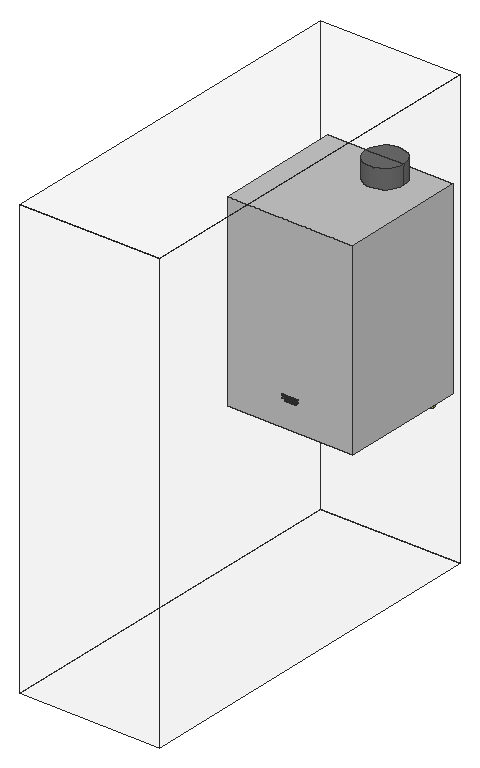
Revit family "Remeha_QuintaAce55_LOD3", category Mechanical Equipment, Revit 2016
Family settings
  Part Type = Normal
  Round Connector Dimension = Use Diameter
  OmniClass Number = 23.75.10.11.14
  OmniClass Title = Hot Water Heat Generators
  Work Plane-Based = No
  Always vertical = Yes
  Cut with Voids When Loaded = Yes
  Shared = No
  Room Calculation Point = No
Parameters (values of type "100/150 Conventional Flue Connection - 100 Connector")
  Weekly = ""
  Water Treatment Required = yes
  Water Content = 6.4 L
  Warranty ID = ""
  Voltage = 230 V
  URL = ""
  Type = "Space heating"
  Turndown Ratio = "5.01:1"
  Text Material = Paint - Black
  Supply Phase = 1
  Starting Current = 0 A
  Sound Pressure Level = "46.7"
  Shipping Weight = 66.50 kg
  Shape = "Rectangular (Vertical)"
  Safety Valve Connection Type = "Unset"
  Safety Valve Connection Size = 0.00 mm
  Responsible Sourcing of Materials = ""
  Responsible Extraction of Materials = ""
  Reference Standard = "GAR 2016/426, BED 92/42/EEC, ErP 2009/125/EC"
  Rated Output = 55300 W
  Rated Criteria = "80/60"
  Quarterly = ""
  Product Range = "Quinta Ace 55"
  Product Model Number = ""
  Product Literature = "https://www.remeha.co.uk/products/wall-hung-range/quinta-ace-30-115"
  Primary Fuel = "Gas - NG"
  Overall Width = 500.00 mm
  Overall Length = 500.00 mm
  Overall Height = 750.00 mm
  Optional Fuel = "LPG"
  Operation and Maintenance Manual = "https://www.remeha.co.uk/products/wall-hung-range/quinta-ace-30-115"
  Oil Consumption rate = 0
  Nominal Oil Inlet Pressure = 0.00000 bar
  Nominal Gas Inlet Pressure = 0.02000 bar
  NOx Emissions = "36"
  Mounting = "Wall Mounted"
  Monthly = ""
  Model = ""
  Minimum Power Consumption = 38 W
  Minimum Operating Pressure = 0.80000 bar
  Minimum Oil Inlet Pressure = 0.00000 bar
  Minimum Gas Inlet Pressure = 0.01700 bar
  Minimum Flow Rate at 20C temperature differential = 0.66 L/s
  Minimum Flow Rate at 11C temperature differential = 1.2 L/s
  Maximum Power Consumption = 100 W
  Maximum Operating Pressure = 4.00000 bar
  Maximum Oil Inlet Pressure = 0.00000 bar
  Maximum Gas Inlet Pressure = 0.02500 bar
  Material Ingredient Reporting = ""
  Manufacturer Website = "www.remeha.co.uk"
  Manufacturer = "Remeha Commercial"
  Maintenance Required 8001 to 12000hrs = ""
  Maintenance Required 601 to 1000hrs = ""
  Maintenance Required 4001 to 8000hrs = ""
  Maintenance Required 301 to 600hrs = ""
  Maintenance Required 2001 to 4000hrs = ""
  Maintenance Required 1001 to 2000hrs = ""
  Maintenance Required 0 to 300hrs = ""
  Location of Manufacturer = ""
  Load Classification = none
  Life Cycle Analysis = ""
  Interlocks = yes
  IfcExportType = "NOTDEFINED"  # constant formula
  IfcExportAs = "IfcBoilerType"  # constant formula
  IP Rating = "X4D"
  IK Rating = "Not Required"
  Hydraulic Resistance at 20C temperature differential = 0.13000 bar
  Hydraulic Resistance at 11C temperature differential = 0.43000 bar
  Heater Operation = "Condensing"
  Heat Exchanger Material = "Aluminium"
  Gross Weight = 62.40 kg
  Green Guide for Specification = ""
  Gas Consumption rate = "6.0"
  Fuse Rating = 2.5 A
  Full Load Current = 0 A
  Fuel Connection Type = "Threaded"
  Fuel Connection Size = 20.00 mm
  Frequency = 50 Hz
  Flue or Air Intake Classification = "B23P,B33,C13,C33,C53,C63,C93"
  Flue Radius = Air Inlet Connection Size / 2  # 75.00 mm
  Flue Connector Size = 100 mm
  Flue Connection size = 100.00 mm
  Flow and Return Connection Type = "Threaded"
  Flow and Return Connection Size = 32.00 mm
  Finish = "High Polish Gardner 60 GRAD 91EH"
  Features = "Remeha's Quinta Pro range are compact high efficiency wall hung condensing boilers. Lighter and more efficienct, their small size make them ideally suited to modular arrangments"
  External Material = "Steel"
  Expected Life = "15"
  ErP Seasonal Efficiency = "92"
  ErP Rated Efficiency at Part Load = "0"
  ErP Rated Efficiency at Full Load = "0"
  ErP Energy Label = "A"
  Environmental Product Declaration = ""
  Energy Technology List = "0"
  Embodied Carbon = ""
  Drain Connection Type = "Unset"
  Drain Connection Size = 25.00 mm
  Description = ""
  Daily = ""
  Control Type = "'0 - 10V, Open Therm, Volt free enable, Direct boiler weather compensating control systems available from Remeha as optional extra's."
  Configuration = "Single boiler"
  Condensate Drain Type = "Plain"
  Condensate Drain Size = 32.00 mm
  Colour = "RAL 9016"
  Clearance Box Visibility [instance] = yes
  Classification.Uniclass.Pr.Number [instance] = "Pr_60_60_08_34"
  Classification.Uniclass.Pr.Description [instance] = "Gas fired Condensing Boilers"
  CE Mark = "0063CS3928"
  Burner Control Type = "Modulating"
  Building Regulations Seasonal Efficiency = "96.04"
  Bespoke Timeframe = ""
  BMS Links = yes
  Annually = "As Per Attached URL O&M Manual"
  Air Inlet Connection Size = 150.00 mm
  Additional Technical Details = "https://www.remeha.co.uk/products/wall-hung-range/quinta-ace-30-115"
  Access Clearance Top = 400.00 mm
  Access Clearance Right = 30.00 mm
  Access Clearance Rear = 0.00 mm
  Access Clearance Left = 30.00 mm
  Access Clearance Front = 1000.00 mm
  Access Clearance Bottom = 600.00 mm
  6 Monthly = ""
Types (2, lengths in mm): name | Flue Connector Size
  100/150 Conventional Flue Connection - 100 Connector | 100
  100/150 Concentric Flue Connection - 150 Connector | 150
Reference planes
  plane 1 "Center (Front/Back)": y = 0
  plane 2: z = 0
  plane 3 "Center (Left/Right)": x = 0
  plane 4: y = -50
  plane 5: y = -75
  plane 6: x = -115
  plane 7: x = 59
  plane 8: x = 119.4
  plane 9: x = 200
  plane 10: x = 250
  plane 11: y = -101
  plane 12: x = -250
  plane 13: y = -500
  plane 14: x = -280
  plane 15: x = 280
  plane 16: y = -1500
  plane 17: y = 0
  plane 18: z = 750
  plane 19: z = 1150
  plane 20: z = -600
  plane 21: z = 824.467
Forms (mm)
  Sweep 1, solid, material "101_240_115"
    path origin (453.507, -50, 3000) x (1, 0, 0) y (0, 0, 1)
      loop
        line (-568.507, -3039.462) -> (-568.507, -3000)
    profile origin (-115, -50, -19.731) x (-1, 0, 0) y (0, -1, 0)
      loop
        circle (0, 0) r 21.2
  Sweep 2, solid
    path origin (453.507, -75, 3000) x (1, 0, 0) y (0, 0, 1)
      loop
        line (-394.507, -3012.462) -> (-394.507, -3000)
    profile origin (59, -75, -6.231) x (-1, 0, 0) y (0, -1, 0)
      loop
        circle (0, 0) r 16.25
  Sweep 3, solid, material "229_0_0"
    path origin (687.907, -50, 3000) x (1, 0, 0) y (0, 0, 1)
      loop
        line (-568.507, -3039.662) -> (-568.507, -3000)
    profile origin (119.4, -50, -19.831) x (-1, 0, 0) y (0, -1, 0)
      loop
        circle (0, 0) r 21.2
  Sweep 4, solid, material "229_229_0"
    path origin (768.507, -50, 3000) x (1, 0, 0) y (0, 0, 1)
      loop
        line (-568.507, -3040) -> (-568.507, -3000)
    profile origin (200, -50, -20) x (-1, 0, 0) y (0, -1, 0)
      loop
        circle (0, 0) r 13.5
  Revolve 5, solid, material "51_51_51"
    sketch origin (453.507, -101, 2990) x (1, 0, 0) y (0, 0, 1)
      loop
        line (-394.507, -2240) -> (-319.507, -2240) -> (-319.507, -2165.533) -> (-394.507, -2165.533) -> (-394.507, -2240)
      axis (-394.507, -2165.533) -> (-394.507, -2240)
    angle from 0 to 360
  Extrusion 6, solid, material "192_192_192"
    sketch origin (0, 5.687, 0) x (1, 0, 0) y (0, 1, 0)
      loop
        line (-250, -5.687) -> (-250, -505.688) -> (250, -505.688) -> (250, -5.687) -> (-250, -5.687)
    from 0 to 750
  Extrusion 7, solid, material "Clearance", visible <- "Clearance Box Visibility"
    sketch origin (0, 0, 0) x (1, 0, 0) y (0, 1, 0)
      loop
        line (-280, 0) -> (-280, -1500) -> (280, -1500) -> (280, 0) -> (-280, 0)
    from -600 to 1150
  Extrusion 8, solid, material "Paint - Black" <- "Text Material"
    sketch origin (0, 0, 0) x (1, 0, 0) y (0, 0, 1)
      loop
        line (-30.625, 120.395) -> (-30.625, 118.213) -> (30.625, 118.213) -> (30.625, 120.395) -> (-30.625, 120.395)
      loop
        line (-30.625, 106.032) -> (30.625, 106.032) -> (30.625, 108.213) -> (-30.625, 108.213) -> (-30.625, 106.032)
      loop
        line (-28.307, 116.676) -> (-28.307, 109.282) -> (-20.805, 109.282) -> (-20.805, 112.183) -> (-19.053, 112.183)
        arc (-19.053, 112.183) -> (-18.314, 111.847) -> (-18.083, 111.068) r 0.979
        arc (-18.083, 111.068) -> (-18.083, 110.157) -> (-17.832, 109.282) r 3.272
        line (-17.832, 109.282) -> (-16.376, 109.282)
        arc (-16.376, 109.282) -> (-16.561, 110.336) -> (-16.618, 111.404) r 8.915
        arc (-16.618, 111.404) -> (-16.885, 112.268) -> (-17.601, 112.822) r 1.5
        arc (-17.601, 112.822) -> (-16.323, 115.034) -> (-18.28, 116.676) r 1.987
        line (-18.28, 116.676) -> (-20.805, 116.676) -> (-28.307, 116.676)
      loop
        line (-20.805, 115.402) -> (-20.805, 113.382) -> (-18.787, 113.382)
        arc (-18.787, 113.382) -> (-18.37, 113.534) -> (-18.148, 113.918) r 0.649
        arc (-18.148, 113.918) -> (-18.033, 114.426) -> (-18.159, 114.93) r 1.124
        arc (-18.159, 114.93) -> (-18.505, 115.276) -> (-18.976, 115.402) r 0.944
        line (-18.976, 115.402) -> (-20.805, 115.402)
      loop
        line (-26.948, 115.402) -> (-26.948, 110.655) -> (-22.202, 110.655) -> (-22.202, 115.402) -> (-26.948, 115.402)
      loop
        line (-9.068, 114.754) -> (-10.47, 114.754) -> (-10.47, 109.282) -> (-8.958, 109.282) -> (-8.958, 112.222)
        arc (-8.958, 112.222) -> (-8.681, 113.022) -> (-7.968, 113.478) r 1.291
        arc (-7.968, 113.478) -> (-7.458, 113.497) -> (-6.98, 113.316) r 1.291
        line (-6.98, 113.316) -> (-6.98, 114.889)
        arc (-6.98, 114.889) -> (-8.226, 114.723) -> (-9.068, 113.79) r 1.823
        line (-9.068, 113.79) -> (-9.068, 114.754)
      loop
        line (-5.139, 111.705) -> (-1.277, 111.705)
        arc (-1.277, 111.705) -> (-3.967, 114.88) -> (-6.562, 111.627) r 2.694
        arc (-6.562, 111.627) -> (-4.23, 109.192) -> (-1.394, 111.016) r 2.651
        line (-1.394, 111.016) -> (-2.704, 111.016)
        arc (-2.704, 111.016) -> (-4.224, 110.293) -> (-5.139, 111.705) r 1.276
      loop
        line (-5.147, 112.62) -> (-2.707, 112.62)
        arc (-2.707, 112.62) -> (-3.927, 113.841) -> (-5.147, 112.62) r 1.22
      loop
        line (1.337, 113.988) -> (1.337, 114.776) -> (-0.066, 114.776) -> (-0.066, 109.389) -> (1.396, 109.389) -> (1.396, 112.819)
        arc (1.396, 112.819) -> (2.357, 113.78) -> (3.318, 112.819) r 0.961
        line (3.318, 112.819) -> (3.318, 109.389) -> (4.781, 109.389) -> (4.781, 112.819)
        arc (4.781, 112.819) -> (5.723, 113.761) -> (6.665, 112.819) r 0.942
        line (6.665, 112.819) -> (6.665, 109.389) -> (8.107, 109.389) -> (8.107, 112.925)
        arc (8.107, 112.925) -> (8.131, 113.503) -> (7.91, 114.038) r 1.349
        arc (7.91, 114.038) -> (6.224, 114.92) -> (4.538, 114.038) r 2.053
        arc (4.538, 114.038) -> (2.923, 114.936) -> (1.337, 113.988) r 1.848
      loop
        line (10.835, 111.705) -> (14.697, 111.705)
        arc (14.697, 111.705) -> (12.007, 114.88) -> (9.413, 111.627) r 2.694
        arc (9.413, 111.627) -> (11.745, 109.192) -> (14.58, 111.016) r 2.651
        line (14.58, 111.016) -> (13.271, 111.016)
        arc (13.271, 111.016) -> (11.751, 110.293) -> (10.835, 111.705) r 1.276
      loop
        line (10.827, 112.62) -> (13.268, 112.62)
        arc (13.268, 112.62) -> (12.048, 113.841) -> (10.827, 112.62) r 1.22
      loop
        line (17.364, 116.805) -> (15.821, 116.805) -> (15.821, 109.416) -> (17.364, 109.416) -> (17.364, 112.62)
        arc (17.364, 112.62) -> (18.386, 113.878) -> (19.408, 112.62) r 1.044
        line (19.408, 112.62) -> (19.408, 109.416) -> (20.934, 109.416) -> (20.934, 113.081)
        arc (20.934, 113.081) -> (19.516, 114.929) -> (17.364, 114.038) r 1.913
        line (17.364, 114.038) -> (17.364, 116.805)
      loop
        line (22.242, 113.094) -> (23.722, 113.094)
        arc (23.722, 113.094) -> (23.883, 113.574) -> (24.311, 113.847) r 0.76
        arc (24.311, 113.847) -> (24.781, 113.923) -> (25.255, 113.868) r 1.739
        arc (25.255, 113.868) -> (25.672, 113.375) -> (25.347, 112.817) r 0.559
        arc (25.347, 112.817) -> (24.586, 112.573) -> (23.79, 112.514) r 3.395
        arc (23.79, 112.514) -> (23.01, 112.359) -> (22.39, 111.862) r 1.672
        arc (22.39, 111.862) -> (22.047, 110.754) -> (22.507, 109.69) r 1.672
        arc (22.507, 109.69) -> (23.456, 109.312) -> (24.477, 109.296) r 2.817
        arc (24.477, 109.296) -> (25.226, 109.546) -> (25.673, 110.197) r 1.24
        arc (25.673, 110.197) -> (25.722, 109.795) -> (25.841, 109.407) r 2.328
        line (25.841, 109.407) -> (27.312, 109.407)
        arc (27.312, 109.407) -> (27.148, 109.949) -> (27.093, 110.512) r 2.901
        line (27.093, 110.512) -> (27.093, 113.568)
        arc (27.093, 113.568) -> (26.736, 114.43) -> (25.874, 114.787) r 1.219
        arc (25.874, 114.787) -> (24.773, 114.91) -> (23.672, 114.787) r 4.994
        arc (23.672, 114.787) -> (22.673, 114.18) -> (22.242, 113.094) r 1.837
      loop
        arc (23.575, 111.229) -> (23.583, 110.746) -> (23.888, 110.371) r 0.737
        arc (23.888, 110.371) -> (24.388, 110.254) -> (24.895, 110.337) r 1.324
        arc (24.895, 110.337) -> (25.433, 110.755) -> (25.637, 111.405) r 1.14
        line (25.637, 111.405) -> (25.637, 112.191)
        arc (25.637, 112.191) -> (25.209, 111.86) -> (24.672, 111.801) r 0.999
        arc (24.672, 111.801) -> (24.028, 111.698) -> (23.575, 111.229) r 1.029
      loop
        line (-14.73, 105.293) -> (-14.73, 102.893)
        arc (-14.73, 102.893) -> (-14.262, 101.761) -> (-13.13, 101.293) r 1.6
        line (-13.13, 101.293) -> (-11.33, 101.293)
        arc (-11.33, 101.293) -> (-10.199, 101.761) -> (-9.73, 102.893) r 1.6
        line (-9.73, 102.893) -> (-9.73, 105.293) -> (-10.73, 105.293) -> (-10.73, 102.893)
        arc (-10.73, 102.893) -> (-10.965, 102.327) -> (-11.53, 102.093) r 0.8
        line (-11.53, 102.093) -> (-12.93, 102.093)
        arc (-12.93, 102.093) -> (-13.496, 102.327) -> (-13.73, 102.893) r 0.8
        line (-13.73, 102.893) -> (-13.73, 105.293) -> (-14.73, 105.293)
      loop
        line (23.957, 105.293) -> (19.757, 105.293) -> (19.757, 101.293) -> (23.957, 101.293) -> (23.957, 102.093) -> (20.757, 102.093) -> (20.757, 102.893) -> (23.957, 102.893) -> (23.957, 103.693) -> (20.757, 103.693) -> (20.757, 104.493) -> (23.957, 104.493) -> (23.957, 105.293)
      loop
        line (14.257, 103.693) -> (14.257, 102.893)
        arc (14.257, 102.893) -> (14.726, 101.761) -> (15.857, 101.293) r 1.6
        line (15.857, 101.293) -> (17.657, 101.293)
        arc (17.657, 101.293) -> (18.789, 101.761) -> (19.257, 102.893) r 1.6
        line (19.257, 102.893) -> (18.257, 102.893)
        arc (18.257, 102.893) -> (18.023, 102.327) -> (17.457, 102.093) r 0.8
        line (17.457, 102.093) -> (16.057, 102.093)
        arc (16.057, 102.093) -> (15.492, 102.327) -> (15.257, 102.893) r 0.8
        line (15.257, 102.893) -> (15.257, 103.693)
        arc (15.257, 103.693) -> (15.492, 104.259) -> (16.057, 104.493) r 0.8
        line (16.057, 104.493) -> (17.457, 104.493)
        arc (17.457, 104.493) -> (18.023, 104.259) -> (18.257, 103.693) r 0.8
        line (18.257, 103.693) -> (19.257, 103.693)
        arc (19.257, 103.693) -> (18.789, 104.824) -> (17.657, 105.293) r 1.6
        line (17.657, 105.293) -> (15.857, 105.293)
        arc (15.857, 105.293) -> (14.726, 104.824) -> (14.257, 103.693) r 1.6
      loop
        line (10.851, 105.293) -> (9.07, 101.293) -> (10.164, 101.293) -> (10.521, 102.093) -> (12.619, 102.093) -> (12.975, 101.293) -> (14.07, 101.293) -> (12.289, 105.293) -> (10.851, 105.293)
      loop
        line (10.877, 102.893) -> (12.263, 102.893) -> (11.57, 104.449) -> (10.877, 102.893)
      loop
        line (-20.23, 103.693) -> (-20.23, 102.893)
        arc (-20.23, 102.893) -> (-19.762, 101.761) -> (-18.63, 101.293) r 1.6
        line (-18.63, 101.293) -> (-16.83, 101.293)
        arc (-16.83, 101.293) -> (-16.428, 101.344) -> (-16.052, 101.495) r 1.6
        line (-16.052, 101.495) -> (-15.593, 100.84) -> (-14.937, 101.299) -> (-15.467, 102.055)
        arc (-15.467, 102.055) -> (-15.291, 102.458) -> (-15.23, 102.893) r 1.6
        line (-15.23, 102.893) -> (-15.23, 103.693)
        arc (-15.23, 103.693) -> (-15.699, 104.824) -> (-16.83, 105.293) r 1.6
        line (-16.83, 105.293) -> (-18.63, 105.293)
        arc (-18.63, 105.293) -> (-19.762, 104.824) -> (-20.23, 103.693) r 1.6
      loop
        line (-19.23, 103.693) -> (-19.23, 102.893)
        arc (-19.23, 102.893) -> (-18.996, 102.327) -> (-18.43, 102.093) r 0.8
        line (-18.43, 102.093) -> (-17.03, 102.093)
        arc (-17.03, 102.093) -> (-16.465, 102.327) -> (-16.23, 102.893) r 0.8
        line (-16.23, 102.893) -> (-16.23, 103.693)
        arc (-16.23, 103.693) -> (-16.465, 104.259) -> (-17.03, 104.493) r 0.8
        line (-17.03, 104.493) -> (-18.43, 104.493)
        arc (-18.43, 104.493) -> (-18.996, 104.259) -> (-19.23, 103.693) r 0.8
      loop
        line (-9.23, 105.293) -> (-9.23, 101.293) -> (-8.23, 101.293) -> (-8.23, 105.293) -> (-9.23, 105.293)
      loop
        line (-7.73, 105.293) -> (-7.73, 101.293) -> (-6.73, 101.293) -> (-6.73, 104.493) -> (-4.405, 101.293) -> (-2.73, 101.293) -> (-2.73, 105.293) -> (-3.73, 105.293) -> (-3.73, 102.093) -> (-6.055, 105.293) -> (-7.73, 105.293)
      loop
        line (-2.23, 105.293) -> (-2.23, 104.493) -> (-0.23, 104.493) -> (-0.23, 101.293) -> (0.77, 101.293) -> (0.77, 104.493) -> (2.77, 104.493) -> (2.77, 105.293) -> (-2.23, 105.293)
      loop
        line (3.851, 105.293) -> (2.07, 101.293) -> (3.164, 101.293) -> (3.521, 102.093) -> (5.619, 102.093) -> (5.975, 101.293) -> (7.07, 101.293) -> (5.289, 105.293) -> (3.851, 105.293)
      loop
        line (3.877, 102.893) -> (5.263, 102.893) -> (4.57, 104.449) -> (3.877, 102.893)
    from 500 to 502
Dimensions and locks
  locked: plane 4 to plane 1 "Center (Front/Back)" at 50
  locked: plane 5 to plane 1 "Center (Front/Back)" at 75
  locked: plane 9 to plane 10 at 50
  locked: plane 8 to plane 10 at 130.6
  locked: plane 7 to plane 10 at 191
  locked: plane 6 to plane 10 at 365
  locked: plane 11 to plane 1 "Center (Front/Back)" at 101
  "Flue Radius": Revolve 5 sketch curve to plane 7
  equal spacing: plane 12, plane 3 "Center (Left/Right)", plane 10
  locked: plane 13 to plane 1 "Center (Front/Back)" at 500
  "Access Clearance Front": plane 16 to plane 13
  "Access Clearance Rear": plane 1 "Center (Front/Back)" to plane 17
  locked: plane 12 to plane 10 at 500
  "Access Clearance Right": plane 10 to plane 15
  "Access Clearance Left": plane 14 to plane 12
  "Overall Height": plane 18 to plane 2
  "Access Clearance Bottom": plane 2 to plane 20
  "Access Clearance Top": plane 19 to plane 18
  locked: plane 21 to plane 18 at 74.467
  plane 3 "Center (Left/Right)" to Extrusion 7 = 280.00 mm
  aligned and locked: level to plane 2
  aligned and locked: plane 6 to Sweep 1 sketch curve
  aligned and locked: profile plane to Sweep 1 sketch curve  (x2)
  aligned and locked: profile plane to Sweep 2 sketch curve  (x2)
  aligned and locked: Sweep 2 sketch curve to plane 7
  aligned and locked: profile plane to Sweep 3 sketch curve  (x2)
  aligned and locked: plane 8 to Sweep 3 sketch curve
  aligned and locked: profile plane to Sweep 4 sketch curve  (x2)
  aligned and locked: plane 9 to Sweep 4 sketch curve
  aligned and locked: Revolve 5 sketch curve to plane 7
  aligned and locked: plane 17 to Extrusion 7 sketch curve
  aligned and locked: plane 14 to Extrusion 7 sketch curve
  aligned and locked: Extrusion 7 sketch curve to plane 15
  aligned and locked: Extrusion 7 sketch curve to plane 16
  aligned and locked: Revolve 5 to plane 21
  aligned and locked: Revolve 5 to plane 18
  aligned and locked: Extrusion 7 to plane 19
  aligned and locked: plane 13 to Extrusion 6 sketch curve
  aligned and locked: Extrusion 6 sketch curve to plane 12
  aligned and locked: plane 10 to Extrusion 6 sketch curve
  aligned and locked: plane 1 "Center (Front/Back)" to Extrusion 6 sketch curve
Automatic sketch dimensions
  Sweep 1 sketch curve to level = 0.00 mm
  Sweep 1 sketch curve to level = 39.462 mm
  Sweep 2 sketch curve to level = 0.00 mm
  Sweep 2 sketch curve to level = 12.462 mm
  Sweep 3 sketch curve to level = 0.00 mm
  Sweep 3 sketch curve to Sweep 3 sketch curve = 39.662 mm
  Sweep 4 sketch curve to level = 0.00 mm
  Sweep 4 sketch curve to Sweep 4 sketch curve = 40.00 mm
  Extrusion 8 sketch curve to Extrusion 8 sketch curve = 0.00 mm  (x35)
  Extrusion 8 sketch curve to plane 3 "Center (Left/Right)" = 30.625 mm
  Extrusion 8 sketch curve to Extrusion 8 sketch curve = 2.318 mm
  Extrusion 8 sketch curve to Extrusion 8 sketch curve = 1.36 mm
  Extrusion 8 sketch curve to Extrusion 8 sketch curve = 4.746 mm
  Extrusion 8 sketch curve to Extrusion 8 sketch curve = 1.397 mm  (x2)
  Extrusion 8 sketch curve to Extrusion 8 sketch curve = 0.575 mm
  Extrusion 8 sketch curve to Extrusion 8 sketch curve = 1.00 mm  (x9)
  Extrusion 8 sketch curve to Extrusion 8 sketch curve = 1.648 mm
  Extrusion 8 sketch curve to Extrusion 8 sketch curve = 1.752 mm
  Extrusion 8 sketch curve to Extrusion 8 sketch curve = 0.18 mm
  Extrusion 8 sketch curve to Extrusion 8 sketch curve = 0.19 mm
  Extrusion 8 sketch curve to Extrusion 8 sketch curve = 0.60 mm  (x9)
  Extrusion 8 sketch curve to Extrusion 8 sketch curve = 0.20 mm  (x10)
  Extrusion 8 sketch curve to Extrusion 8 sketch curve = 0.696 mm
  Extrusion 8 sketch curve to Extrusion 8 sketch curve = 0.935 mm
  Extrusion 8 sketch curve to Extrusion 8 sketch curve = 0.286 mm  (x2)
  Extrusion 8 sketch curve to Extrusion 8 sketch curve = 1.40 mm  (x3)
  Extrusion 8 sketch curve to Extrusion 8 sketch curve = 1.456 mm
  Extrusion 8 sketch curve to Extrusion 8 sketch curve = 0.779 mm
  Extrusion 8 sketch curve to Extrusion 8 sketch curve = 0.459 mm
  Extrusion 8 sketch curve to Extrusion 8 sketch curve = 0.584 mm
  Extrusion 8 sketch curve to Extrusion 8 sketch curve = 0.655 mm
  Extrusion 8 sketch curve to Extrusion 8 sketch curve = 1.533 mm
  Extrusion 8 sketch curve to Extrusion 8 sketch curve = 0.50 mm  (x5)
  Extrusion 8 sketch curve to Extrusion 8 sketch curve = 4.373 mm
  Extrusion 8 sketch curve to Extrusion 8 sketch curve = 1.402 mm
  Extrusion 8 sketch curve to Extrusion 8 sketch curve = 1.512 mm
  Extrusion 8 sketch curve to Extrusion 8 sketch curve = 1.255 mm
  Extrusion 8 sketch curve to Extrusion 8 sketch curve = 0.036 mm
  Extrusion 8 sketch curve to Extrusion 8 sketch curve = 0.29 mm
  Extrusion 8 sketch curve to Extrusion 8 sketch curve = 0.396 mm
  Extrusion 8 sketch curve to Extrusion 8 sketch curve = 0.675 mm  (x2)
  Extrusion 8 sketch curve to Extrusion 8 sketch curve = 1.833 mm
  Extrusion 8 sketch curve to Extrusion 8 sketch curve = 0.008 mm  (x2)
  Extrusion 8 sketch curve to Extrusion 8 sketch curve = 2.325 mm
  Extrusion 8 sketch curve to Extrusion 8 sketch curve = 1.22 mm  (x2)
  Extrusion 8 sketch curve to Extrusion 8 sketch curve = 0.001 mm  (x2)
  Extrusion 8 sketch curve to Extrusion 8 sketch curve = 0.009 mm  (x2)
  Extrusion 8 sketch curve to Extrusion 8 sketch curve = 0.043 mm  (x2)
  Extrusion 8 sketch curve to Extrusion 8 sketch curve = 1.172 mm  (x2)
  Extrusion 8 sketch curve to Extrusion 8 sketch curve = 1.31 mm  (x2)
  Extrusion 8 sketch curve to Extrusion 8 sketch curve = 0.117 mm  (x2)
  Extrusion 8 sketch curve to plane 3 "Center (Left/Right)" = 0.23 mm
  Extrusion 8 sketch curve to plane 3 "Center (Left/Right)" = 0.066 mm
  plane 3 "Center (Left/Right)" to Extrusion 8 sketch curve = 0.77 mm
  plane 3 "Center (Left/Right)" to Extrusion 8 sketch curve = 1.337 mm
  plane 3 "Center (Left/Right)" to Extrusion 8 sketch curve = 1.396 mm
  Extrusion 8 sketch curve to Extrusion 8 sketch curve = 1.30 mm
  Extrusion 8 sketch curve to Extrusion 8 sketch curve = 0.961 mm
  Extrusion 8 sketch curve to Extrusion 8 sketch curve = 2.00 mm  (x2)
  Extrusion 8 sketch curve to Extrusion 8 sketch curve = 0.366 mm
  Extrusion 8 sketch curve to Extrusion 8 sketch curve = 1.095 mm  (x4)
  Extrusion 8 sketch curve to Extrusion 8 sketch curve = 0.356 mm  (x8)
  Extrusion 8 sketch curve to Extrusion 8 sketch curve = 1.081 mm
  Extrusion 8 sketch curve to Extrusion 8 sketch curve = 0.719 mm  (x4)
  Extrusion 8 sketch curve to Extrusion 8 sketch curve = 1.463 mm
  Extrusion 8 sketch curve to Extrusion 8 sketch curve = 1.386 mm  (x2)
  Extrusion 8 sketch curve to Extrusion 8 sketch curve = 0.942 mm
  Extrusion 8 sketch curve to Extrusion 8 sketch curve = 0.441 mm
  Extrusion 8 sketch curve to Extrusion 8 sketch curve = 0.137 mm
  Extrusion 8 sketch curve to Extrusion 8 sketch curve = 1.304 mm
  Extrusion 8 sketch curve to Extrusion 8 sketch curve = 2.721 mm
  Extrusion 8 sketch curve to Extrusion 8 sketch curve = 0.33 mm
  Extrusion 8 sketch curve to Extrusion 8 sketch curve = 1.995 mm  (x2)
  Extrusion 8 sketch curve to Extrusion 8 sketch curve = 2.553 mm
  Extrusion 8 sketch curve to Extrusion 8 sketch curve = 1.542 mm  (x2)
  Extrusion 8 sketch curve to Extrusion 8 sketch curve = 1.022 mm
  Extrusion 8 sketch curve to Extrusion 8 sketch curve = 0.635 mm
  Extrusion 8 sketch curve to Extrusion 8 sketch curve = 0.388 mm
  Extrusion 8 sketch curve to Extrusion 8 sketch curve = 1.50 mm
  Extrusion 8 sketch curve to Extrusion 8 sketch curve = 1.526 mm
  Extrusion 8 sketch curve to Extrusion 8 sketch curve = 1.309 mm
  Extrusion 8 sketch curve to Extrusion 8 sketch curve = 1.474 mm
  Extrusion 8 sketch curve to Extrusion 8 sketch curve = 1.48 mm
  Extrusion 8 sketch curve to Extrusion 8 sketch curve = 0.217 mm
  Extrusion 8 sketch curve to Extrusion 8 sketch curve = 3.20 mm  (x2)
  Extrusion 8 sketch curve to Extrusion 8 sketch curve = 0.355 mm
  Extrusion 8 sketch curve to Extrusion 8 sketch curve = 0.558 mm
  Extrusion 8 sketch curve to Extrusion 8 sketch curve = 0.158 mm
  Extrusion 8 sketch curve to Extrusion 8 sketch curve = 0.205 mm
  Extrusion 8 sketch curve to Extrusion 8 sketch curve = 0.406 mm
  Extrusion 8 sketch curve to Extrusion 8 sketch curve = 0.064 mm
  Extrusion 8 sketch curve to Extrusion 8 sketch curve = 0.024 mm
  Extrusion 8 sketch curve to Extrusion 8 sketch curve = 0.293 mm
  Extrusion 8 sketch curve to Extrusion 8 sketch curve = 0.386 mm
  Extrusion 8 sketch curve to Extrusion 8 sketch curve = 0.353 mm
  Extrusion 8 sketch curve to Extrusion 8 sketch curve = 0.28 mm
  Extrusion 8 sketch curve to Extrusion 8 sketch curve = 0.818 mm
  Extrusion 8 sketch curve to Extrusion 8 sketch curve = 1.068 mm
  Extrusion 8 sketch curve to Extrusion 8 sketch curve = 0.759 mm
  Extrusion 8 sketch curve to Extrusion 8 sketch curve = 1.219 mm
  Extrusion 8 sketch curve to Extrusion 8 sketch curve = 0.219 mm
  Extrusion 8 sketch curve to Extrusion 8 sketch curve = 0.906 mm
  Extrusion 8 sketch curve to Extrusion 8 sketch curve = 4.751 mm
  Extrusion 8 sketch curve to Extrusion 8 sketch curve = 0.631 mm
  level to Extrusion 8 sketch curve = 100.84 mm
  Extrusion 8 sketch curve to Extrusion 8 sketch curve = 0.453 mm  (x3)
  Extrusion 8 sketch curve to Extrusion 8 sketch curve = 0.80 mm  (x16)
  Extrusion 8 sketch curve to Extrusion 8 sketch curve = 1.556 mm  (x2)
  Extrusion 8 sketch curve to Extrusion 8 sketch curve = 2.40 mm  (x2)
  Extrusion 8 sketch curve to Extrusion 8 sketch curve = 0.044 mm
  Extrusion 8 sketch curve to Extrusion 8 sketch curve = 1.60 mm
  Extrusion 8 sketch curve to Extrusion 8 sketch curve = 0.844 mm
  Extrusion 8 sketch curve to Extrusion 8 sketch curve = 2.339 mm
  Extrusion 8 sketch curve to Extrusion 8 sketch curve = 2.181 mm  (x2)
  Extrusion 8 sketch curve to Extrusion 8 sketch curve = 3.989 mm  (x2)
  Extrusion 8 sketch curve to Extrusion 8 sketch curve = 1.069 mm
  Extrusion 8 sketch curve to Extrusion 8 sketch curve = 4.096 mm
  Extrusion 8 sketch curve to Extrusion 8 sketch curve = 4.114 mm
  Extrusion 8 sketch curve to Extrusion 8 sketch curve = 4.124 mm
  Extrusion 8 sketch curve to Extrusion 8 sketch curve = 0.509 mm
  Extrusion 8 sketch curve to Extrusion 8 sketch curve = 0.234 mm
  Extrusion 8 sketch curve to Extrusion 8 sketch curve = 0.62 mm  (x2)
  Extrusion 8 sketch curve to Extrusion 8 sketch curve = 1.331 mm
  Extrusion 8 sketch curve to Extrusion 8 sketch curve = 1.374 mm
  Extrusion 8 sketch curve to Extrusion 8 sketch curve = 0.249 mm
  Extrusion 8 sketch curve to Extrusion 8 sketch curve = 0.059 mm
  Extrusion 8 sketch curve to Extrusion 8 sketch curve = 0.213 mm
  Extrusion 8 sketch curve to Extrusion 8 sketch curve = 1.599 mm
  Extrusion 8 sketch curve to Extrusion 8 sketch curve = 1.627 mm
  Extrusion 8 sketch curve to Extrusion 8 sketch curve = 1.922 mm
  Extrusion 8 sketch curve to Extrusion 8 sketch curve = 2.062 mm
  Extrusion 8 sketch curve to Extrusion 8 sketch curve = 0.346 mm
  Extrusion 8 sketch curve to Extrusion 8 sketch curve = 0.506 mm  (x2)
  Extrusion 8 sketch curve to Extrusion 8 sketch curve = 0.173 mm
  Extrusion 8 sketch curve to Extrusion 8 sketch curve = 0.303 mm  (x2)
  Extrusion 8 sketch curve to Extrusion 8 sketch curve = 0.496 mm
  Extrusion 8 sketch curve to Extrusion 8 sketch curve = 0.979 mm
  Extrusion 8 sketch curve to Extrusion 8 sketch curve = 0.606 mm
  Extrusion 8 sketch curve to Extrusion 8 sketch curve = 0.363 mm  (x2)
  Extrusion 8 sketch curve to Extrusion 8 sketch curve = 0.786 mm
  Extrusion 8 sketch curve to Extrusion 8 sketch curve = 0.879 mm
  Extrusion 8 sketch curve to Extrusion 8 sketch curve = 3.204 mm
  Extrusion 8 sketch curve to Extrusion 8 sketch curve = 0.434 mm  (x2)
  Extrusion 8 sketch curve to Extrusion 8 sketch curve = 0.603 mm
  Extrusion 8 sketch curve to Extrusion 8 sketch curve = 1.192 mm
  Extrusion 8 sketch curve to Extrusion 8 sketch curve = 0.214 mm
  Extrusion 8 sketch curve to Extrusion 8 sketch curve = 0.048 mm
  Extrusion 8 sketch curve to Extrusion 8 sketch curve = 0.106 mm
  Extrusion 8 sketch curve to Extrusion 8 sketch curve = 0.209 mm
  Extrusion 8 sketch curve to Extrusion 8 sketch curve = 0.461 mm
  Extrusion 8 sketch curve to Extrusion 8 sketch curve = 0.269 mm
  Extrusion 8 sketch curve to Extrusion 8 sketch curve = 0.012 mm
  Extrusion 8 sketch curve to Extrusion 8 sketch curve = 0.11 mm
  Extrusion 8 sketch curve to Extrusion 8 sketch curve = 0.206 mm
  Extrusion 8 sketch curve to Extrusion 8 sketch curve = 0.45 mm
  Extrusion 8 sketch curve to Extrusion 8 sketch curve = 0.539 mm
  Extrusion 8 sketch curve to Extrusion 8 sketch curve = 1.198 mm
  Extrusion 8 sketch curve to Extrusion 8 sketch curve = 0.242 mm
  Extrusion 8 sketch curve to Extrusion 8 sketch curve = 1.568 mm
  Extrusion 8 sketch curve to Extrusion 8 sketch curve = 1.169 mm
  Extrusion 8 sketch curve to Extrusion 8 sketch curve = 0.649 mm
  Extrusion 8 sketch curve to Extrusion 8 sketch curve = 0.382 mm
  Extrusion 8 sketch curve to Extrusion 8 sketch curve = 0.046 mm
  Extrusion 8 sketch curve to Extrusion 8 sketch curve = 0.23 mm
  Extrusion 8 sketch curve to Extrusion 8 sketch curve = 0.963 mm
  Extrusion 8 sketch curve to Extrusion 8 sketch curve = 0.788 mm
  Extrusion 8 sketch curve to Extrusion 8 sketch curve = 4.747 mm
  Extrusion 8 sketch curve to Extrusion 8 sketch curve = 1.119 mm
  Extrusion 8 sketch curve to Extrusion 8 sketch curve = 1.274 mm
  Extrusion 8 sketch curve to Extrusion 8 sketch curve = 2.767 mm
  Extrusion 8 sketch curve to Extrusion 8 sketch curve = 4.645 mm
  Extrusion 8 sketch curve to Extrusion 8 sketch curve = 0.121 mm
  Extrusion 8 sketch curve to Extrusion 8 sketch curve = 0.547 mm
  Extrusion 8 sketch curve to Extrusion 8 sketch curve = 0.591 mm
  Extrusion 8 sketch curve to Extrusion 8 sketch curve = 0.243 mm
  Extrusion 8 sketch curve to Extrusion 8 sketch curve = 0.148 mm
  Extrusion 8 sketch curve to Extrusion 8 sketch curve = 1.573 mm
  Extrusion 8 sketch curve to Extrusion 8 sketch curve = 0.141 mm
  Extrusion 8 sketch curve to Extrusion 8 sketch curve = 0.218 mm
  Extrusion 8 sketch curve to Extrusion 8 sketch curve = 0.171 mm
  Extrusion 8 sketch curve to Extrusion 8 sketch curve = 0.172 mm
  Extrusion 8 sketch curve to Extrusion 8 sketch curve = 0.296 mm
  Revolve 5 sketch curve to plane 7 = 0.00 mm
  Revolve 5 sketch curve to plane 18 = 0.00 mm
  Revolve 5 sketch curve to plane 21 = 0.00 mm
  plane 18 to Revolve 5 sketch curve = 33.884 mm
  Revolve 5 sketch curve to plane 19 = 29.116 mm
  radius of Sweep 1 sketch curve = 21.20 mm
  radius of Sweep 2 sketch curve = 16.25 mm
  radius of Sweep 3 sketch curve = 21.20 mm
  radius of Sweep 4 sketch curve = 13.50 mm
Connectors
  piping at (-115, -50, -39.462), diameter 32, driven by "Flow and Return Connection Size"
    settings: on Sweep 1, index 1, connector inside diameter 609.6 mm, connector length 0.00 mm, flow factor 0, pipe flow 0.0 L/s, pressure drop 0.00000 bar, fitting loss kfactor 0, connector angle 0.00°, fixture units 0, engagement length 0.00 mm, angle of deflection 0.00°, flow configuration 1, flow direction 1, fitting loss method 0, system type 20, joint type 0, gender type 0, connector reference index -1, connector utility 0, adjustable connector no, is connector primary yes, connector description "Return"
  piping at (119.4, -50, -39.662), diameter 32, driven by "Flow and Return Connection Size"
    settings: on Sweep 3, index 2, connector inside diameter 609.6 mm, connector length 0.00 mm, flow factor 0, pipe flow 0.0 L/s, pressure drop 0.00000 bar, fitting loss kfactor 0, connector angle 0.00°, fixture units 0, engagement length 0.00 mm, angle of deflection 0.00°, flow configuration 0, flow direction 2, fitting loss method 0, system type 19, joint type 0, gender type 0, connector reference index -1, connector utility 0, adjustable connector no, is connector primary no, connector description "Flow"
  piping at (200, -50, -40), diameter 20, driven by "Fuel Connection Size"
    settings: on Sweep 4, index 3, connector inside diameter 609.6 mm, connector length 0.00 mm, flow factor 0, pipe flow 0.0 L/s, pressure drop 0.00000 bar, fitting loss kfactor 0, connector angle 0.00°, fixture units 0, engagement length 0.00 mm, angle of deflection 0.00°, flow configuration 1, flow direction 1, fitting loss method 0, system type 22, joint type 0, gender type 0, connector reference index -1, connector utility 0, adjustable connector no, is connector primary no, connector description "Fuel"
  piping at (59, -75, -12.462), diameter 25, driven by "Drain Connection Size"
    settings: on Sweep 2, index 4, connector inside diameter 609.6 mm, connector length 0.00 mm, flow factor 0, pipe flow 0.0 L/s, pressure drop 0.00000 bar, fitting loss kfactor 0, connector angle 0.00°, fixture units 0, engagement length 0.00 mm, angle of deflection 0.00°, flow configuration 1, flow direction 2, fitting loss method 0, system type 16, joint type 0, gender type 0, connector reference index -1, connector utility 0, adjustable connector no, is connector primary no, connector description "Drain"
  hvac at (59, -101, 824.467), driven by "Flue Connector Size"
    settings: on Revolve 5, index 5, duct flow 0.0 L/s, flow factor 0, pres drop 0.00000 bar, loss coef 0, conn angle 0.00°, conn width 304.8 mm, conn height 304.8 mm, conn diameter 100 mm, duct sys type 3, conn prof type 0, flow config 0, flow direction 0, loss method 0, conn ref index -1, conn util no, is conn primary yes, conn desc "Flue"
  electrical at (0, 0, 375), driven by "Voltage", driven by "Maximum Power Consumption"
    settings: on Extrusion 6, index 6, voltage 230 V, apparent load 100 VA, apparent load phase1 0 VA, apparent load phase2 0 VA, apparent load phase3 0 VA, power factor 1, load classification "Other", number of poles 1, system type 30, power factor state 1, is connector primary yes, connector utility no, sub classification motor no, connector description ""
